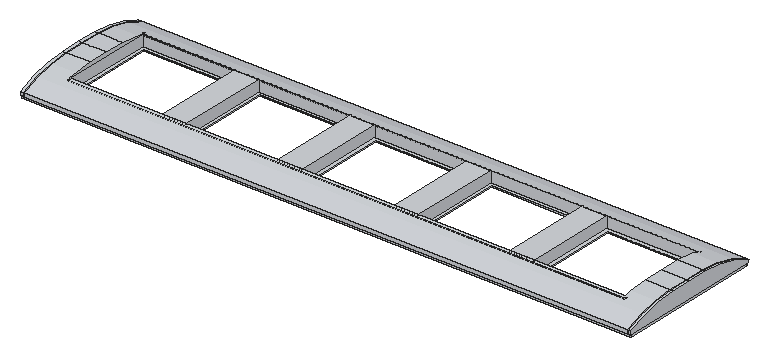
Revit family "Gira_0215326", category Electrical Fixtures, host Face, Revit 2017
Family settings
  Host = Face
  Maintain Annotation Orientation = No
  Round Connector Dimension = Use Diameter
  Part Type = Normal
  Cut with Voids When Loaded = No
  Shared = No
  Room Calculation Point = No
Parameters (values of type "Cov.fr. 5-g interm.fr. PW Gira Event c.alum.")
  With mounting grid = "No"
  With hinged lid = "No"
  URL = "http://katalog.gira.de/en/datenblatt.html?artikelnr=0215326"
  Transparent = "No"
  Surface protection = "Other"
  Suitable for wall duct = "No"
  Suitable for flush-mounted installation = "Yes"
  Suitable for floor box = "No"
  Suitable for built-in installation = "No"
  Number of units vertical = "5"
  Number of units horizontal = "5"
  Number of units = "5"
  Name = "Cov.fr. 5-g interm.fr. PW Gira Event c.alum."
  Mounting direction = "Horizontal and vertical"
  Material quality = "Thermoplastic"
  Material = "Plastic"
  Manufacturer URL = "https://www.gira.de/"
  Manufacturer = "Gira"
  Label space/information surface = "No"
  Keynote = ""
  HeinzeBIM = "https://bimportal.heinze.de/bim/cov-fr-5-g-interm-fr-pw-gira-event-c-alum-/beade7150abb9380d01b293c1ff58b50d4b60a39"
  Halogen free = "Yes"
  HAN = "0215326"
  GTIN = "4010337074366"
  Description = "Cov.fr.5g i.fr.PW Event CAl,Gira Event frames,colour aluminium with pure white glossy intermediate frame,5-gang,Features:,- Shatter-proof."
  Degree of protection (IP) = "IP20"
  Default Elevation = 1219.2 mm
  Data sheet (1) = "https://katalog.gira.de/en/download.html?artikelnr=0215326"
  Colour = "Aluminium"
  Category = "Cover frame for domestic switching devices"
  BIM (1) = "https://media.stage.bim.site/public/gira/36a6b08/Event_Rahmen_5fach.rfa"
  Available = "No"
Reference planes
  plane 1 "Center (Front/Back)": y = 0
  plane 2: z = 0
  plane 3 "Center (Left/Right)": x = 0
Forms (mm)
  Extrusion 1, solid, detail levels fine
    sketch origin (0, 0, 0.05) x (0, 1, 0) y (0, 0, 1)
      loop
        arc (12.445, 9.683) -> (6.223, 9.833) -> (0, 9.85) r 291.636
        arc (0, 9.85) -> (-6.223, 9.833) -> (-12.445, 9.683) r 291.636
        arc (-12.445, 9.683) -> (-29.14, 7.482) -> (-45, 1.823) r 79.728
        line (-45, 1.823) -> (-45, -0.05) -> (-42.086, -0.05)
        arc (-42.086, -0.05) -> (-21.385, 5.559) -> (0, 7.206) r 114.424
        arc (0, 7.206) -> (21.385, 5.559) -> (42.086, -0.05) r 114.424
        line (42.086, -0.05) -> (45, -0.05) -> (45, 1.823)
        arc (45, 1.823) -> (29.14, 7.482) -> (12.445, 9.683) r 79.728
    from -185.578 to 185.593
  Extrusion 2, void, detail levels fine
    sketch origin (0, 0, 0) x (1, 0, 0) y (0, 1, 0)
      loop
        line (170.607, 28) -> (-170.593, 28) -> (-170.593, -28) -> (170.607, -28) -> (170.607, 28)
    from 0.724 to 11
  Extrusion 3, solid, detail levels coarse
    sketch origin (0, 0, 0) x (1, 0, 0) y (0, 1, 0)
      loop
        line (-187.578, 45) -> (-187.578, -45) -> (187.593, -45) -> (187.593, 45) -> (-187.578, 45)
    from -1.5 to 9.9
  Extrusion 4, solid, detail levels medium
    sketch origin (0, 0, 0.05) x (0, 1, 0) y (0, 0, 1)
      loop
        arc (12.445, 9.683) -> (6.223, 9.833) -> (0, 9.85) r 291.636
        arc (0, 9.85) -> (-6.223, 9.833) -> (-12.445, 9.683) r 291.636
        arc (-12.445, 9.683) -> (-29.14, 7.482) -> (-45, 1.823) r 79.728
        line (-45, 1.823) -> (-45, -0.05) -> (45, -0.05) -> (45, 1.823)
        arc (45, 1.823) -> (29.14, 7.482) -> (12.445, 9.683) r 79.728
    from -187.578 to 187.593
  Extrusion 5, solid, detail levels fine
    sketch origin (-142.578, 0, -1.5) x (0, 1, 0) y (0, 0, -1)
      loop
        line (45, -3.373) -> (45, -1.5) -> (-45, -1.5) -> (-45, -3.373)
        arc (-45, -3.373) -> (-29.14, -9.032) -> (-12.445, -11.233) r 79.728
        arc (-12.445, -11.233) -> (-6.223, -11.383) -> (0, -11.4) r 291.636
        arc (0, -11.4) -> (6.223, -11.383) -> (12.445, -11.233) r 291.636
        arc (12.445, -11.233) -> (29.14, -9.032) -> (45, -3.373) r 79.728
    from 43 to 45
  Extrusion 6, solid, detail levels fine
    sketch origin (0, 0, 0) x (1, 0, 0) y (0, 1, 0)
      loop
        line (-168.493, 25.7) -> (-168.493, -25.7) -> (-116.693, -25.7) -> (-116.693, 25.7) -> (-168.493, 25.7)
      loop
        line (-45.398, -25.7) -> (-45.398, 25.7) -> (-97.198, 25.7) -> (-97.198, -25.7) -> (-45.398, -25.7)
      loop
        line (-171.487, 28.49) -> (-171.487, -28.495)
        spline (-171.487, -28.495) -> (-171.479, -28.625) -> (-171.453, -28.754) -> (-171.411, -28.878) -> (-171.353, -28.995) -> (-171.281, -29.104) -> (-171.194, -29.202) -> (-171.096, -29.288) -> (-170.987, -29.361) -> (-170.87, -29.419) -> (-170.746, -29.461) -> (-170.618, -29.486) -> (-170.487, -29.495)
        line (-170.487, -29.495) -> (170.502, -29.495)
        spline (170.502, -29.495) -> (170.633, -29.486) -> (170.761, -29.461) -> (170.885, -29.419) -> (171.002, -29.361) -> (171.111, -29.288) -> (171.209, -29.202) -> (171.296, -29.104) -> (171.368, -28.995) -> (171.426, -28.878) -> (171.468, -28.754) -> (171.494, -28.625) -> (171.502, -28.495)
        line (171.502, -28.495) -> (171.502, 28.49)
        spline (171.502, 28.49) -> (171.494, 28.62) -> (171.468, 28.748) -> (171.426, 28.872) -> (171.368, 28.99) -> (171.296, 29.098) -> (171.209, 29.197) -> (171.111, 29.283) -> (171.002, 29.356) -> (170.885, 29.413) -> (170.761, 29.456) -> (170.633, 29.481) -> (170.502, 29.49)
        line (170.502, 29.49) -> (-170.487, 29.49)
        spline (-170.487, 29.49) -> (-170.618, 29.481) -> (-170.746, 29.456) -> (-170.87, 29.413) -> (-170.987, 29.356) -> (-171.096, 29.283) -> (-171.194, 29.197) -> (-171.281, 29.098) -> (-171.353, 28.99) -> (-171.411, 28.872) -> (-171.453, 28.748) -> (-171.479, 28.62) -> (-171.487, 28.49)
      loop
        line (25.902, -25.7) -> (25.902, 25.7) -> (-25.898, 25.7) -> (-25.898, -25.7) -> (25.902, -25.7)
      loop
        line (97.207, -25.7) -> (97.207, 25.7) -> (45.407, 25.7) -> (45.407, -25.7) -> (97.207, -25.7)
      loop
        line (168.507, -25.7) -> (168.507, 25.7) -> (116.707, 25.7) -> (116.707, -25.7) -> (168.507, -25.7)
    from 0.1 to 7.3
  Extrusion 7, solid
    sketch origin (0, 0, 0) x (1, 0, 0) y (0, 1, 0)
      loop
        arc (-187.293, -44.218) -> (-187.146, -44.572) -> (-186.793, -44.718) r 0.5
        line (-186.793, -44.718) -> (186.807, -44.718)
        arc (186.807, -44.718) -> (187.161, -44.572) -> (187.307, -44.218) r 0.5
        line (187.307, -44.218) -> (187.307, 44.182)
        arc (187.307, 44.182) -> (187.161, 44.535) -> (186.807, 44.682) r 0.5
        line (186.807, 44.682) -> (-186.793, 44.682)
        arc (-186.793, 44.682) -> (-187.146, 44.535) -> (-187.293, 44.182) r 0.5
        line (-187.293, 44.182) -> (-187.293, -44.218)
      loop
        line (-185.593, 42.982) -> (-185.593, -43.018) -> (185.607, -43.018) -> (185.607, 42.982) -> (-185.593, 42.982)
    from -1.5 to 0.5
  Extrusion 8, solid, detail levels fine
    sketch origin (142.593, 0, -1.5) x (0, 1, 0) y (0, 0, 1)
      loop
        arc (45, 3.373) -> (29.14, 9.032) -> (12.445, 11.233) r 79.728
        arc (12.445, 11.233) -> (6.223, 11.383) -> (0, 11.4) r 291.636
        arc (0, 11.4) -> (-6.223, 11.383) -> (-12.445, 11.233) r 291.636
        arc (-12.445, 11.233) -> (-29.14, 9.032) -> (-45, 3.373) r 79.728
        line (-45, 3.373) -> (-45, 1.5) -> (45, 1.5) -> (45, 3.373)
    from 43 to 45
  Extrusion 9, solid, detail levels medium
    sketch origin (0, 0, 0) x (1, 0, 0) y (0, 1, 0)
      loop
        line (-187.293, -44.718) -> (187.307, -44.718) -> (187.307, 44.682) -> (-187.293, 44.682) -> (-187.293, -44.718)
    from -1.5 to 0.5
  Extrusion 10, solid, detail levels fine
    sketch origin (-105.5, 0, 0) x (1, 0, 0) y (0, 1, 0)
      loop
        line (-8.943, 28.063) -> (-8.943, -27.937) -> (6.057, -27.937) -> (6.057, 28.063) -> (-8.943, 28.063)
    from 0.724 to 7.566
  Extrusion 11, solid, detail levels fine
    sketch origin (-37.085, 0, 0) x (-1, 0, 0) y (0, -1, 0)
      loop
        line (-8.943, -28.063) -> (6.057, -28.063) -> (6.057, 27.937) -> (-8.943, 27.937) -> (-8.943, -28.063)
    from 0.724 to 7.566
  Extrusion 12, solid, detail levels fine
    sketch origin (105.5, 0, 0) x (-1, 0, 0) y (0, -1, 0)
      loop
        line (-8.943, -28.063) -> (6.057, -28.063) -> (6.057, 27.937) -> (-8.943, 27.937) -> (-8.943, -28.063)
    from 0.724 to 7.566
  Extrusion 13, solid, detail levels fine
    sketch origin (37.085, 0, 0) x (1, 0, 0) y (0, 1, 0)
      loop
        line (-8.943, 28.063) -> (-8.943, -27.937) -> (6.057, -27.937) -> (6.057, 28.063) -> (-8.943, 28.063)
    from 0.724 to 7.566
Cuts and joins
  Extrusion 2 cuts Extrusion 1
  Extrusion 2 cuts Extrusion 6
Dimensions and locks
  aligned and locked: plane 2 to host face
  aligned and locked: level to host face
